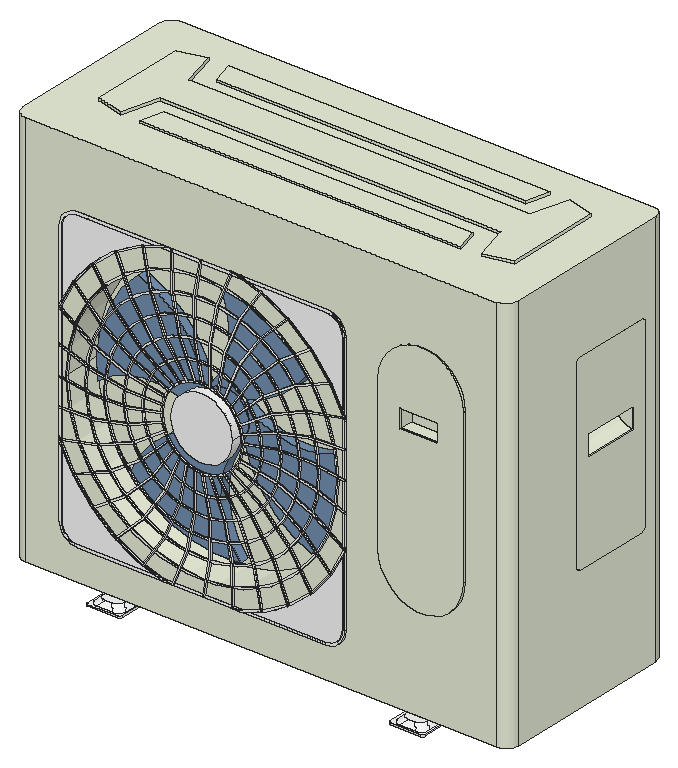
Revit family "MDV-V160W$DHN1(C) ", category Mechanical Equipment, Revit 2013
Parameters (values of type "MDV-V160W/DHN1(C)")
  clearance access right = 600.000 mm
  clearance access left = 300.000 mm
  clearance access front = 2000.000 mm
  clearance access behind = 300.000 mm
  clearance [instance] = no
  Width = 1040.000 mm
  Series = "VRF"
  Power supply = "220-240V 1Ph~50Hz/60Hz"
  Net Weight = 90.40 kg
  Model = "MDV-V160W/DHN1(C)"
  Minimum Circuit Amps = 40 A
  Min cable selection (power wiring) = "3×6 mm2"
  Maximum Fuse Amps = 40 A
  Manufacturer = "Midea"
  Liquid pipe Radius = 0.5 * Liquid pipe  # 4.765 mm
  Liquid pipe = 9.530 mm
  Installation = "Outdoor installation"
  Height = 865.000 mm
  Heating Power Input = 4.65 kW
  Heating Capacity = 18.00 kW
  Gas pipe Radius = 0.5 * Gas pipe  # 7.950 mm
  Gas pipe = 15.900 mm
  Gas = "R410A"
  Description = "High efficiency air cooled"
  Depth = 410.000 mm
  Cooling Power Input = 4.80 kW
  Cooling Capacity = 15.50 kW
  Condensation = "Air"
  Compressor = "1"
  Casing color = "SB2098"
  Air Flow = 5200.00 m³/h
Reference planes
  plane 1 "Center (Front/Back)": y = 0
  plane 2: z = 0
  plane 3 "Center (Left/Right)": x = 0
  plane 4: y = 221
  plane 5: y = -189
  plane 6: x = -520
  plane 7: x = 520
  plane 8: z = 406.5
  plane 9: z = 300.608
  plane 10: z = 840
Forms (mm)
  Extrusion 1, solid, material "Galvanized Steel", detail levels medium+fine
    sketch origin (-463, 0, 789) x (1, 0, 0) y (0, 1, 0)
      loop
        line (958, 221) -> (-32, 221)
        arc (-32, 221) -> (-49.678, 213.678) -> (-57, 196) r 25
        line (-57, 196) -> (-57, -164)
        arc (-57, -164) -> (-49.678, -181.678) -> (-32, -189) r 25
        line (-32, -189) -> (958, -189)
        arc (958, -189) -> (975.678, -181.678) -> (983, -164) r 25
        line (983, -164) -> (983, 196)
        arc (983, 196) -> (975.678, 213.678) -> (958, 221) r 25
    from -765 to 71
  Extrusion 2, void
    sketch origin (0, 0, 0) x (1, 0, 0) y (0, 0, 1)
      loop
        circle (-122.999, 406.499) r 286
    from 110.334 to 189
  Extrusion 3, solid, material "Galvanized Steel", detail levels fine
    sketch origin (0, 20, 0) x (1, 0, 0) y (0, 1, 0)
      loop
        line (-436.632, 111.286) -> (-436.632, -88.714) -> (-378.677, -104.243) -> (-357.971, -26.969) -> (0, -26.969) -> (357.971, -26.969) -> (378.677, -104.243) -> (436.632, -88.714) -> (436.632, 111.286) -> (378.677, 126.816) -> (357.971, 49.542) -> (0, 49.542) -> (-357.971, 49.542) -> (-378.677, 126.816) -> (-436.632, 111.286)
      loop
        line (-337.266, 126.816) -> (-324.511, 79.213) -> (0, 79.213) -> (324.511, 79.213) -> (337.266, 126.816) -> (0, 126.816) -> (-337.266, 126.816)
      loop
        line (-337.266, -106.816) -> (0, -106.816) -> (337.266, -106.816) -> (324.511, -59.213) -> (0, -59.213) -> (-324.511, -59.213) -> (-337.266, -106.816)
    from 860 to 865
  Extrusion 4, solid, material "Galvanized Steel", detail levels fine
    sketch origin (0, 5, 0) x (0, 1, 0) y (0, 0, 1)
      loop
        arc (-8.433, 685.069) -> (-15.504, 682.14) -> (-18.433, 675.069) r 10
        line (-18.433, 675.069) -> (-18.433, 295.069)
        arc (-18.433, 295.069) -> (-15.504, 287.998) -> (-8.433, 285.069) r 10
        line (-8.433, 285.069) -> (151.567, 285.069)
        arc (151.567, 285.069) -> (158.638, 287.998) -> (161.567, 295.069) r 10
        line (161.567, 295.069) -> (161.567, 675.069)
        arc (161.567, 675.069) -> (158.638, 682.14) -> (151.567, 685.069) r 10
        line (151.567, 685.069) -> (-8.433, 685.069)
    from 520 to 522
  Extrusion 5, solid, material "Galvanized Steel", detail levels fine
    sketch origin (-473, 221, 810) x (1, 0, 0) y (0, 0, -1)
      loop
        line (721.211, 499.033) -> (721.211, 179.033)
        arc (721.211, 179.033) -> (811.211, 89.033) -> (901.211, 179.033) r 90
        line (901.211, 179.033) -> (901.211, 499.033)
        arc (901.211, 499.033) -> (811.211, 589.033) -> (721.211, 499.033) r 90
    from -413 to -410
  Extrusion 6, void
    sketch origin (-438, -192, 810) x (1, 0, 0) y (0, 0, -1)
      loop
        line (731.52, 217.5) -> (811.52, 217.5) -> (811.52, 257.5) -> (731.52, 257.5) -> (731.52, 217.5)
    from 0 to 30.666
  Extrusion 7, void
    sketch origin (49, 0, 0) x (1, 0, 0) y (0, 0, 1)
      loop
        line (446.25, 532.035) -> (428.211, 532.035)
        arc (428.211, 532.035) -> (441.329, 500.364) -> (473, 487.246) r 44.789
        line (473, 487.246) -> (473, 532.035) -> (446.25, 532.035)
    from -137.024 to -16.461
  Extrusion 8, solid, material "Galvanized Steel"
    sketch origin (458, -189, 799) x (-1, 0, 0) y (0, 0, -1)
      loop
        circle (30.982, 736.541) r 4.765
    from -421 to -383.266
  Extrusion 9, solid, material "Galvanized Steel"
    sketch origin (458, -189, 829) x (-1, 0, 0) y (0, 0, -1)
      loop
        circle (30.982, 736.541) r 7.95
    from -421 to -383.266
Cuts and joins
  Extrusion 2, Extrusion 6, Extrusion 7 cuts Extrusion 1
  Extrusion 6 cuts Extrusion 5
  Extrusion 7 cuts Extrusion 4
Lines and regions (mm)
  model lines
    curve 1: line (-473, 221, 24) -> (-473, -139, 24)
    curve 2: line (473, 221, 24) -> (-473, 221, 24)
    curve 3: line (473, -139, 24) -> (473, 221, 24)
    curve 4: line (-473, -139, 24) -> (473, -139, 24)
    curve 5: line (520, 221, 838) -> (520, 221, 24)
    curve 6: line (-520, 221, 24) -> (-520, 221, 838)
    curve 7: line (520, -189, 838) -> (520, -189, 24)
    curve 8: line (-520, -189, 24) -> (-520, -189, 838)
    curve 9: line (520, -189, 860) -> (520, 221, 860)
    curve 10: line (520, 221, 860) -> (-520, 221, 860)
    curve 11: line (-520, 221, 860) -> (-520, -189, 860)
    curve 12: line (-520, -189, 860) -> (520, -189, 860)
Dimensions and locks
  aligned and locked: level to plane 2
Nested families
  nested 1: "xiaodijia2" at (318, 20, 0), type "xiaodijia2", detail levels medium+fine
  nested 2: "xiaodijia2" at (-318, 20, 0), type "xiaodijia2", detail levels medium+fine
  nested 3: "fengkou300（fangxing2）" at (-123, -191, 406.5) x (1, 0, 0) z (0, 1, 0), type "fengkou300（fangxing2）", detail levels medium+fine
  nested 4: "fengshan270" at (-122.996, -100, 406.5) x (0, 0, 1) z (0, -1, 0), type "fengshan270", detail levels fine
  nested 5: "service space" at (520, -189, 0), Height <- "Height", visible <- "clearance", type "Midea Service  Space"
    with Width 600.000 mm, Height 865.000 mm, Depth 410.000 mm
  nested 6: "service space" at (-820, -189, 0), Height <- "Height", visible <- "clearance", type "Midea Service  Space"
    with Width 300.000 mm, Height 865.000 mm, Depth 410.000 mm
  nested 7: "service space" at (-520, 221, 0), Height <- "Height", visible <- "clearance", type "Midea Service  Space"
    with Width 1040.000 mm, Height 865.000 mm, Depth 300.000 mm
  nested 8: "service space" at (-520, -2189, 0), Height <- "Height", visible <- "clearance", type "Midea Service  Space"
    with Width 1040.000 mm, Height 865.000 mm, Depth 2000.000 mm
Connectors
  electrical at (333.52, -192, 572.5)
    settings: on cut or joined group of Extrusion 5, Extrusion 6, index 1, voltage 220 V, apparent load 0 VA, apparent load phase1 0 VA, apparent load phase2 0 VA, apparent load phase3 0 VA, power factor 1, load classification "HVAC", number of poles 1, system type 30, power factor state 1, is connector primary yes, connector utility no, sub classification motor no, connector description ""
  piping at (427.018, 232, 62.459), driven by "Liquid pipe Radius"
    settings: on Extrusion 8, index 2, connector radius 0.1876", flow factor 0, pipe flow 0 GPM, pressure drop 0.00 psi, fitting loss kfactor 0, connector angle 0.00°, fixture units 0, engagement length 0.000 mm, flow configuration 0, flow direction 0, fitting loss method 0, system type 7, joint type 0, gender type 0, connector reference index -1, connector utility 0, adjustable connector no, is connector primary yes, fitting loss table "", connector description ""
  piping at (427.018, 232, 92.459), driven by "Gas pipe Radius"
    settings: on Extrusion 9, index 3, connector radius 0.31299", flow factor 0, pipe flow 0 GPM, pressure drop 0.00 psi, fitting loss kfactor 0, connector angle 0.00°, fixture units 0, engagement length 0.000 mm, flow configuration 0, flow direction 0, fitting loss method 0, system type 8, joint type 0, gender type 0, connector reference index -1, connector utility 0, adjustable connector no, is connector primary no, fitting loss table "", connector description ""
Definition of nested family "xiaodijia2"
  Reference planes
    plane 1 "Center (Front/Back)": y = 0
    plane 2: z = 0
    plane 3 "Center (Left/Right)": x = 0
    plane 4: y = 227
    plane 5: x = -36.5
    plane 6: x = 36.5
    plane 7: z = 12
    plane 8: z = 3
    plane 9: z = 24
    plane 10: y = -20
    plane 11: y = 20
    plane 12: x = 21.5
    plane 13: x = -21.5
    plane 14: y = 190
    plane 15: y = -190
    plane 16: x = -6
    plane 17: x = 6
    plane 18: y = -186
    plane 19: y = -194
  Forms (mm)
    Blend 1, solid, material "HXL White"
      base sketch origin (0, 0, 0) x (1, 0, 0) y (0, 1, 0)
        loop
          line (6.5, 212) -> (-6.5, 212)
          arc (-6.5, 212) -> (-17.107, 207.607) -> (-21.5, 197) r 15
          line (-21.5, 197) -> (-21.5, -197)
          arc (-21.5, -197) -> (-17.107, -207.607) -> (-6.5, -212) r 15
          line (-6.5, -212) -> (6.5, -212)
          arc (6.5, -212) -> (17.107, -207.607) -> (21.5, -197) r 15
          line (21.5, -197) -> (21.5, 197)
          arc (21.5, 197) -> (17.107, 207.607) -> (6.5, 212) r 15
      top sketch origin (0, 0, 0) x (1, 0, 0) y (0, 1, 0)
        loop
          line (26.5, 222) -> (-26.5, 222)
          arc (-26.5, 222) -> (-30.036, 220.536) -> (-31.5, 217) r 5
          line (-31.5, 217) -> (-31.5, -207)
          arc (-31.5, -207) -> (-27.107, -217.607) -> (-16.5, -222) r 15
          line (-16.5, -222) -> (16.5, -222)
          arc (16.5, -222) -> (27.107, -217.607) -> (31.5, -207) r 15
          line (31.5, -207) -> (31.5, 217)
          arc (31.5, 217) -> (30.036, 220.536) -> (26.5, 222) r 5
      from 12 to 3
    Blend 2, void
      base sketch origin (0, 0, 0) x (1, 0, 0) y (0, 1, 0)
        loop
          line (6.5, 202) -> (-6.5, 202)
          arc (-6.5, 202) -> (-10.036, 200.536) -> (-11.5, 197) r 5
          line (-11.5, 197) -> (-11.5, -197)
          arc (-11.5, -197) -> (-10.036, -200.536) -> (-6.5, -202) r 5
          line (-6.5, -202) -> (6.5, -202)
          arc (6.5, -202) -> (10.036, -200.536) -> (11.5, -197) r 5
          line (11.5, -197) -> (11.5, 197)
          arc (11.5, 197) -> (10.036, 200.536) -> (6.5, 202) r 5
      top sketch origin (0, 0, 0) x (1, 0, 0) y (0, 1, 0)
        loop
          line (31.5, -207) -> (31.5, 217)
          arc (31.5, 217) -> (30.036, 220.536) -> (26.5, 222) r 5
          line (26.5, 222) -> (-26.5, 222)
          arc (-26.5, 222) -> (-30.036, 220.536) -> (-31.5, 217) r 5
          line (-31.5, 217) -> (-31.5, -207)
          arc (-31.5, -207) -> (-27.107, -217.607) -> (-16.5, -222) r 15
          line (-16.5, -222) -> (16.5, -222)
          arc (16.5, -222) -> (27.107, -217.607) -> (31.5, -207) r 15
      from 8.355 to 3
    Extrusion 3, solid, material "HXL White"
      sketch origin (0, 0, 0) x (1, 0, 0) y (0, 1, 0)
        loop
          arc (-31.5, 227) -> (-35.036, 225.536) -> (-36.5, 222) r 5
          line (-36.5, 222) -> (-36.5, -222)
          arc (-36.5, -222) -> (-35.036, -225.536) -> (-31.5, -227) r 5
          line (-31.5, -227) -> (31.5, -227)
          arc (31.5, -227) -> (35.036, -225.536) -> (36.5, -222) r 5
          line (36.5, -222) -> (36.5, 222)
          arc (36.5, 222) -> (35.036, 225.536) -> (31.5, 227) r 5
          line (31.5, 227) -> (-31.5, 227)
        loop
          arc (-26.5, 222) -> (-30.036, 220.536) -> (-31.5, 217) r 5
          line (-31.5, 217) -> (-31.5, -207)
          arc (-31.5, -207) -> (-27.107, -217.607) -> (-16.5, -222) r 15
          line (-16.5, -222) -> (16.5, -222)
          arc (16.5, -222) -> (27.107, -217.607) -> (31.5, -207) r 15
          line (31.5, -207) -> (31.5, 217)
          arc (31.5, 217) -> (30.036, 220.536) -> (26.5, 222) r 5
          line (26.5, 222) -> (-26.5, 222)
      from 0 to 3
    Extrusion 4, solid, material "HXL White"
      sketch origin (0, 0, 0) x (0, 1, 0) y (0, 0, 1)
        loop
          arc (-19.275, 24) -> (-19.902, 23.667) -> (-20.264, 23.056) r 1.312
          line (-20.264, 23.056) -> (-22.833, 13.434)
          arc (-22.833, 13.434) -> (-23.437, 12.605) -> (-24.266, 12) r 3.318
          line (-24.266, 12) -> (24.266, 12)
          arc (24.266, 12) -> (23.437, 12.605) -> (22.833, 13.434) r 3.318
          line (22.833, 13.434) -> (20.264, 23.056)
          arc (20.264, 23.056) -> (19.902, 23.667) -> (19.275, 24) r 1.312
          line (19.275, 24) -> (-19.275, 24)
      from -21.5 to 21.5
    Extrusion 5, solid, material "HXL White"
      sketch origin (0, 150, 0) x (0, 1, 0) y (0, 0, 1)
        loop
          arc (-19.275, 24) -> (-19.902, 23.667) -> (-20.264, 23.056) r 1.312
          line (-20.264, 23.056) -> (-22.833, 13.434)
          arc (-22.833, 13.434) -> (-23.437, 12.605) -> (-24.266, 12) r 3.318
          line (-24.266, 12) -> (24.266, 12)
          arc (24.266, 12) -> (23.437, 12.605) -> (22.833, 13.434) r 3.318
          line (22.833, 13.434) -> (20.264, 23.056)
          arc (20.264, 23.056) -> (19.902, 23.667) -> (19.275, 24) r 1.312
          line (19.275, 24) -> (-19.275, 24)
      from -21.5 to 21.5
    Extrusion 6, solid, material "HXL White"
      sketch origin (0, -150, 0) x (0, 1, 0) y (0, 0, 1)
        loop
          arc (-19.275, 24) -> (-19.902, 23.667) -> (-20.264, 23.056) r 1.312
          line (-20.264, 23.056) -> (-22.833, 13.434)
          arc (-22.833, 13.434) -> (-23.437, 12.605) -> (-24.266, 12) r 3.318
          line (-24.266, 12) -> (24.266, 12)
          arc (24.266, 12) -> (23.437, 12.605) -> (22.833, 13.434) r 3.318
          line (22.833, 13.434) -> (20.264, 23.056)
          arc (20.264, 23.056) -> (19.902, 23.667) -> (19.275, 24) r 1.312
          line (19.275, 24) -> (-19.275, 24)
      from -21.5 to 21.5
    Extrusion 7, void
      sketch origin (0, 0, 0) x (1, 0, 0) y (0, 1, 0)
        loop
          arc (-6, -186) -> (-10, -190) -> (-6, -194) r 4
          line (-6, -194) -> (6, -194)
          arc (6, -194) -> (10, -190) -> (6, -186) r 4
          line (6, -186) -> (-6, -186)
        loop
          line (-6, 186) -> (6, 186)
          arc (6, 186) -> (10, 190) -> (6, 194) r 4
          line (6, 194) -> (-6, 194)
          arc (-6, 194) -> (-10, 190) -> (-6, 186) r 4
      from 0 to 20
  Cuts and joins
    Blend 2, Extrusion 7 cuts Blend 1
  Dimensions and locks
    aligned and locked: level to plane 2
Definition of nested family "fengkou300（fangxing2）"
  Parameters (values of type "fengkou300（fangxing2）")
    Series = ""
    Machine material = Midea White
    Installation = ""
    Gas = ""
    Condensation = ""
  Reference planes
    plane 1 "Center (Front/Back)": y = 0
    plane 2: z = 0
    plane 3 "Center (Left/Right)": x = 0
    plane 4: y = 316
    plane 5: y = -316
    plane 6: x = -300
    plane 7: x = 300
    plane 8: through (306.104, -306.102, 1219.2) normal (-0.7071, -0.7071, 0)
    plane 9: through (-306.478, -306.479, 1219.2) normal (0.7071, -0.7071, 0)
  Forms (mm)
    Extrusion 1, solid, material "Midea White" <- "Machine material"
      sketch origin (0, 0, 0) x (1, 0, 0) y (0, 1, 0)
        loop
          arc (-260, 316) -> (-288.284, 304.284) -> (-300, 276) r 40
          line (-300, 276) -> (-300, -276)
          arc (-300, -276) -> (-288.284, -304.284) -> (-260, -316) r 40
          line (-260, -316) -> (260, -316)
          arc (260, -316) -> (288.284, -304.284) -> (300, -276) r 40
          line (300, -276) -> (300, 276)
          arc (300, 276) -> (288.284, 304.284) -> (260, 316) r 40
          line (260, 316) -> (-260, 316)
        loop
          line (260, 311) -> (-260, 311)
          arc (-260, 311) -> (-284.749, 300.749) -> (-295, 276) r 35
          line (-295, 276) -> (-295, -276)
          arc (-295, -276) -> (-284.749, -300.749) -> (-260, -311) r 35
          line (-260, -311) -> (260, -311)
          arc (260, -311) -> (284.749, -300.749) -> (295, -276) r 35
          line (295, -276) -> (295, 276)
          arc (295, 276) -> (284.749, 300.749) -> (260, 311) r 35
      from 0 to 10
    Extrusion 2, solid, material "Midea White" <- "Machine material"
      sketch origin (-1059.446, 0, 0) x (1, 0, 0) y (0, 1, 0)
        loop
          arc (1057.944, 325.999) -> (1075.678, 204.494) -> (1057.944, 82.989) r 425.111
          line (1057.944, 82.989) -> (1060.944, 82.989)
          arc (1060.944, 82.989) -> (1079.329, 204.494) -> (1060.944, 325.999) r 410.684
          line (1060.944, 325.999) -> (1057.944, 325.999)
        loop
          arc (1060.948, -325.999) -> (1043.214, -204.494) -> (1060.948, -82.989) r 425.111
          line (1060.948, -82.989) -> (1057.948, -82.989)
          arc (1057.948, -82.989) -> (1039.562, -204.494) -> (1057.948, -325.999) r 410.684
          line (1057.948, -325.999) -> (1060.948, -325.999)
        loop
          arc (1385.445, 1.502) -> (1263.939, -16.232) -> (1142.434, 1.502) r 425.111
          line (1142.434, 1.502) -> (1142.434, -1.498)
          arc (1142.434, -1.498) -> (1263.939, -19.884) -> (1385.445, -1.498) r 410.684
          line (1385.445, -1.498) -> (1385.445, 1.502)
        loop
          arc (733.447, -1.502) -> (854.952, 16.232) -> (976.457, -1.502) r 425.111
          line (976.457, -1.502) -> (976.457, 1.498)
          arc (976.457, 1.498) -> (854.952, 19.884) -> (733.447, 1.498) r 410.684
          line (733.447, 1.498) -> (733.447, -1.502)
        loop
          arc (1288.9, 231.578) -> (1215.522, 133.121) -> (1117.065, 59.744) r 425.111
          line (1117.065, 59.744) -> (1119.187, 57.623)
          arc (1119.187, 57.623) -> (1218.105, 130.539) -> (1291.021, 229.457) r 410.684
          line (1291.021, 229.457) -> (1288.9, 231.578)
        loop
          arc (829.992, -231.578) -> (903.369, -133.121) -> (1001.826, -59.744) r 425.111
          line (1001.826, -59.744) -> (999.705, -57.623)
          arc (999.705, -57.623) -> (900.787, -130.539) -> (827.871, -229.457) r 410.684
          line (827.871, -229.457) -> (829.992, -231.578)
        loop
          arc (1291.024, -229.454) -> (1192.567, -156.077) -> (1119.19, -57.62) r 425.111
          line (1119.19, -57.62) -> (1117.068, -59.741)
          arc (1117.068, -59.741) -> (1189.985, -158.659) -> (1288.903, -231.575) r 410.684
          line (1288.903, -231.575) -> (1291.024, -229.454)
        loop
          arc (827.868, 229.454) -> (926.325, 156.077) -> (999.702, 57.62) r 425.111
          line (999.702, 57.62) -> (1001.823, 59.741)
          arc (1001.823, 59.741) -> (928.907, 158.659) -> (829.989, 231.575) r 410.684
          line (829.989, 231.575) -> (827.868, 229.454)
        loop
          arc (1182.812, 301.758) -> (1152.699, 182.716) -> (1089.816, 77.246) r 425.111
          line (1089.816, 77.246) -> (1092.588, 76.098)
          arc (1092.588, 76.098) -> (1156.072, 181.318) -> (1185.584, 300.61) r 410.684
          line (1185.584, 300.61) -> (1182.812, 301.758)
        loop
          arc (936.079, -301.758) -> (966.193, -182.716) -> (1029.075, -77.246) r 425.111
          line (1029.075, -77.246) -> (1026.304, -76.098)
          arc (1026.304, -76.098) -> (962.819, -181.318) -> (933.308, -300.61) r 410.684
          line (933.308, -300.61) -> (936.079, -301.758)
        loop
          arc (1361.204, -123.366) -> (1242.162, -93.253) -> (1136.692, -30.371) r 425.111
          line (1136.692, -30.371) -> (1135.544, -33.142)
          arc (1135.544, -33.142) -> (1240.764, -96.626) -> (1360.056, -126.138) r 410.684
          line (1360.056, -126.138) -> (1361.204, -123.366)
        loop
          arc (757.687, 123.366) -> (876.73, 93.253) -> (982.199, 30.371) r 425.111
          line (982.199, 30.371) -> (983.347, 33.142)
          arc (983.347, 33.142) -> (878.127, 96.626) -> (758.835, 126.138) r 410.684
          line (758.835, 126.138) -> (757.687, 123.366)
        loop
          arc (1360.054, 126.142) -> (1254.585, 63.26) -> (1135.542, 33.146) r 425.111
          line (1135.542, 33.146) -> (1136.69, 30.375)
          arc (1136.69, 30.375) -> (1255.982, 59.886) -> (1361.203, 123.37) r 410.684
          line (1361.203, 123.37) -> (1360.054, 126.142)
        loop
          arc (758.837, -126.142) -> (864.307, -63.26) -> (983.349, -33.146) r 425.111
          line (983.349, -33.146) -> (982.201, -30.375)
          arc (982.201, -30.375) -> (862.909, -59.886) -> (757.689, -123.37) r 410.684
          line (757.689, -123.37) -> (758.837, -126.142)
        loop
          arc (1185.588, -300.609) -> (1122.706, -195.139) -> (1092.592, -76.097) r 425.111
          line (1092.592, -76.097) -> (1089.82, -77.245)
          arc (1089.82, -77.245) -> (1119.332, -196.537) -> (1182.816, -301.757) r 410.684
          line (1182.816, -301.757) -> (1185.588, -300.609)
        loop
          arc (933.304, 300.609) -> (996.186, 195.139) -> (1026.3, 76.097) r 425.111
          line (1026.3, 76.097) -> (1029.071, 77.245)
          arc (1029.071, 77.245) -> (999.56, 196.537) -> (936.075, 301.757) r 410.684
          line (936.075, 301.757) -> (933.304, 300.609)
        loop
          arc (1121.572, 320.028) -> (1115.261, 197.398) -> (1074.163, 81.687) r 425.111
          line (1074.163, 81.687) -> (1077.105, 81.102)
          arc (1077.105, 81.102) -> (1118.842, 196.685) -> (1124.514, 319.443) r 410.684
          line (1124.514, 319.443) -> (1121.572, 320.028)
        loop
          arc (997.32, -320.028) -> (1003.631, -197.398) -> (1044.729, -81.687) r 425.111
          line (1044.729, -81.687) -> (1041.786, -81.102)
          arc (1041.786, -81.102) -> (1000.049, -196.685) -> (994.378, -319.443) r 410.684
          line (994.378, -319.443) -> (997.32, -320.028)
        loop
          arc (1379.474, -62.126) -> (1256.843, -55.815) -> (1141.133, -14.717) r 425.111
          line (1141.133, -14.717) -> (1140.548, -17.659)
          arc (1140.548, -17.659) -> (1256.131, -59.396) -> (1378.888, -65.068) r 410.684
          line (1378.888, -65.068) -> (1379.474, -62.126)
        loop
          arc (739.418, 62.126) -> (862.048, 55.815) -> (977.759, 14.717) r 425.111
          line (977.759, 14.717) -> (978.344, 17.659)
          arc (978.344, 17.659) -> (862.761, 59.396) -> (740.003, 65.068) r 410.684
          line (740.003, 65.068) -> (739.418, 62.126)
        loop
          arc (1329.669, 182.364) -> (1238.494, 100.114) -> (1127.614, 47.355) r 425.111
          line (1127.614, 47.355) -> (1129.28, 44.861)
          arc (1129.28, 44.861) -> (1240.523, 97.078) -> (1331.336, 179.87) r 410.684
          line (1331.336, 179.87) -> (1329.669, 182.364)
        loop
          arc (789.222, -182.364) -> (880.397, -100.114) -> (991.278, -47.355) r 425.111
          line (991.278, -47.355) -> (989.611, -44.861)
          arc (989.611, -44.861) -> (878.369, -97.078) -> (787.556, -179.87) r 410.684
          line (787.556, -179.87) -> (789.222, -182.364)
        loop
          arc (1241.81, -270.223) -> (1159.56, -179.048) -> (1106.801, -68.168) r 425.111
          line (1106.801, -68.168) -> (1104.306, -69.835)
          arc (1104.306, -69.835) -> (1156.524, -181.077) -> (1239.316, -271.89) r 410.684
          line (1239.316, -271.89) -> (1241.81, -270.223)
        loop
          arc (877.082, 270.223) -> (959.332, 179.048) -> (1012.091, 68.168) r 425.111
          line (1012.091, 68.168) -> (1014.585, 69.835)
          arc (1014.585, 69.835) -> (962.368, 181.077) -> (879.576, 271.89) r 410.684
          line (879.576, 271.89) -> (877.082, 270.223)
        loop
          arc (1239.312, 271.893) -> (1186.553, 161.012) -> (1104.303, 69.837) r 425.111
          line (1104.303, 69.837) -> (1106.797, 68.17)
          arc (1106.797, 68.17) -> (1189.589, 158.984) -> (1241.806, 270.226) r 410.684
          line (1241.806, 270.226) -> (1239.312, 271.893)
        loop
          arc (879.58, -271.893) -> (932.339, -161.012) -> (1014.589, -69.837) r 425.111
          line (1014.589, -69.837) -> (1012.094, -68.17)
          arc (1012.094, -68.17) -> (929.303, -158.984) -> (877.085, -270.226) r 410.684
          line (877.085, -270.226) -> (879.58, -271.893)
        loop
          arc (1331.338, -179.866) -> (1220.458, -127.107) -> (1129.283, -44.857) r 425.111
          line (1129.283, -44.857) -> (1127.616, -47.351)
          arc (1127.616, -47.351) -> (1218.429, -130.143) -> (1329.672, -182.361) r 410.684
          line (1329.672, -182.361) -> (1331.338, -179.866)
        loop
          arc (787.553, 179.866) -> (898.434, 127.107) -> (989.609, 44.857) r 425.111
          line (989.609, 44.857) -> (991.275, 47.351)
          arc (991.275, 47.351) -> (900.462, 130.143) -> (789.22, 182.361) r 410.684
          line (789.22, 182.361) -> (787.553, 179.866)
        loop
          arc (1378.887, 65.072) -> (1263.177, 23.975) -> (1140.547, 17.664) r 425.111
          line (1140.547, 17.664) -> (1141.132, 14.721)
          arc (1141.132, 14.721) -> (1263.889, 20.393) -> (1379.473, 62.13) r 410.684
          line (1379.473, 62.13) -> (1378.887, 65.072)
        loop
          arc (740.004, -65.072) -> (855.715, -23.975) -> (978.345, -17.664) r 425.111
          line (978.345, -17.664) -> (977.76, -14.721)
          arc (977.76, -14.721) -> (855.002, -20.393) -> (739.419, -62.13) r 410.684
          line (739.419, -62.13) -> (740.004, -65.072)
        loop
          arc (1124.518, -319.442) -> (1083.42, -203.731) -> (1077.109, -81.101) r 425.111
          line (1077.109, -81.101) -> (1074.167, -81.686)
          arc (1074.167, -81.686) -> (1079.839, -204.444) -> (1121.576, -320.027) r 410.684
          line (1121.576, -320.027) -> (1124.518, -319.442)
        loop
          arc (994.373, 319.442) -> (1035.471, 203.731) -> (1041.782, 81.101) r 425.111
          line (1041.782, 81.101) -> (1044.725, 81.686)
          arc (1044.725, 81.686) -> (1039.053, 204.444) -> (997.316, 320.027) r 410.684
          line (997.316, 320.027) -> (994.373, 319.442)
      from 0 to 2
    Extrusion 3, solid, material "Midea White" <- "Machine material"
      sketch origin (-1059.446, 0, 0) x (1, 0, 0) y (0, 1, 0)
        loop
          circle (1059.448, 0) r 65
      from 0 to 20
    Extrusion 4, solid, material "Midea White" <- "Machine material"
      sketch origin (0, 0, 0) x (1, 0, 0) y (0, 1, 0)
        loop
          circle (0, 0.002) r 326
        loop
          circle (0, 0.002) r 323
        loop
          circle (0, 0.002) r 286
        loop
          circle (0, 0.002) r 283
        loop
          circle (0, 0.002) r 246
        loop
          circle (0, 0.002) r 243
        loop
          circle (0, 0.002) r 206
        loop
          circle (0, 0.002) r 203
        loop
          circle (0, 0.002) r 166
        loop
          circle (0, 0.002) r 163
        loop
          circle (0, 0.002) r 126
        loop
          circle (0, 0.002) r 123
        loop
          circle (0, 0.002) r 86
        loop
          circle (0, 0.002) r 83
      from 0 to 2
    Extrusion 5, void
      sketch origin (0, 0, 0) x (1, 0, 0) y (0, 1, 0)
        loop
          line (260, 316) -> (-260, 316)
          arc (-260, 316) -> (-288.284, 304.284) -> (-300, 276) r 40
          line (-300, 276) -> (-300, -276)
          arc (-300, -276) -> (-288.284, -304.284) -> (-260, -316) r 40
          line (-260, -316) -> (260, -316)
          arc (260, -316) -> (288.284, -304.284) -> (300, -276) r 40
          line (300, -276) -> (300, 276)
          arc (300, 276) -> (288.284, 304.284) -> (260, 316) r 40
        loop
          arc (-260, 416) -> (-358.995, 374.995) -> (-400, 276) r 140
          line (-400, 276) -> (-400, -276)
          arc (-400, -276) -> (-358.995, -374.995) -> (-260, -416) r 140
          line (-260, -416) -> (260, -416)
          arc (260, -416) -> (358.995, -374.995) -> (400, -276) r 140
          line (400, -276) -> (400, 276)
          arc (400, 276) -> (358.995, 374.995) -> (260, 416) r 140
          line (260, 416) -> (-260, 416)
      from 0 to 250
    Extrusion 6, solid, material "Midea White" <- "Machine material"
      sketch origin (0, 0, 0) x (1, 0, 0) y (0, 1, 0)
        loop
          line (-97.757, 311) -> (-260, 311)
          arc (-260, 311) -> (-284.749, 300.749) -> (-295, 276) r 35
          line (-295, 276) -> (-295, 138.75)
          arc (-295, 138.75) -> (-214.434, 245.551) -> (-97.757, 311) r 326
        loop
          arc (-295, -276) -> (-284.749, -300.749) -> (-260, -311) r 35
          line (-260, -311) -> (-97.743, -311)
          arc (-97.743, -311) -> (-214.429, -245.551) -> (-295, -138.746) r 326
          line (-295, -138.746) -> (-295, -276)
        loop
          arc (260, -311) -> (284.749, -300.749) -> (295, -276) r 35
          line (295, -276) -> (295, -138.746)
          arc (295, -138.746) -> (214.429, -245.551) -> (97.743, -311) r 326
          line (97.743, -311) -> (260, -311)
        loop
          arc (295, 276) -> (284.749, 300.749) -> (260, 311) r 35
          line (260, 311) -> (97.757, 311)
          arc (97.757, 311) -> (214.434, 245.551) -> (295, 138.75) r 326
          line (295, 138.75) -> (295, 276)
      from 0 to 2
  Cuts and joins
    Extrusion 5 cuts Extrusion 1
    Extrusion 5 cuts Extrusion 2
    Extrusion 5 cuts Extrusion 4
  Dimensions and locks
    aligned and locked: level to plane 2
Definition of nested family "fengshan270"
  Reference planes
    plane 1 "Center (Front/Back)": y = 0
    plane 2: z = 0
    plane 3 "Center (Left/Right)": x = 0
  Forms (mm)
    Extrusion 1, solid, material "Midea Dark Blue"
      sketch origin (0, 0, 0) x (1, 0, 0) y (0, 1, 0)
        loop
          circle (0, 0) r 50
      from 0 to 30
    Extrusion 2, solid, material "Midea Dark Blue"
      sketch origin (-20, 0, 0) x (0, -1, 0) y (1, 0, 0)
        loop
          arc (32.105, 288.084) -> (-94.042, 273.093) -> (-199.371, 202.075) r 270
          arc (-199.371, 202.075) -> (-134.798, 110.882) -> (-35, 60.622) r 231.205
          arc (-35, 60.622) -> (0, 70) -> (35, 60.622) r 70
          arc (35, 60.622) -> (-8.793, 173.814) -> (32.105, 288.084) r 173.918
      from 0 to 30
    Extrusion 3, solid, material "Midea Dark Blue"
      sketch origin (20, 0, 0) x (0, 1, 0) y (-1, 0, 0)
        loop
          arc (32.105, 288.084) -> (-94.042, 273.093) -> (-199.371, 202.075) r 270
          arc (-199.371, 202.075) -> (-134.798, 110.882) -> (-35, 60.622) r 231.205
          arc (-35, 60.622) -> (0, 70) -> (35, 60.622) r 70
          arc (35, 60.622) -> (-8.793, 173.814) -> (32.105, 288.084) r 173.918
      from 0 to 30
    Extrusion 4, solid, material "Midea Dark Blue"
      sketch origin (0, 0, 0) x (1, 0, 0) y (0, 1, 0)
        loop
          arc (32.105, 268.084) -> (-94.042, 253.093) -> (-199.371, 182.075) r 270
          arc (-199.371, 182.075) -> (-134.798, 90.882) -> (-35, 40.622) r 231.205
          arc (-35, 40.622) -> (0, 50) -> (35, 40.622) r 70
          arc (35, 40.622) -> (-8.793, 153.814) -> (32.105, 268.084) r 173.918
        loop
          arc (199.371, -182.075) -> (134.798, -90.882) -> (35, -40.622) r 231.205
          arc (35, -40.622) -> (0, -50) -> (-35, -40.622) r 70
          arc (-35, -40.622) -> (8.793, -153.814) -> (-32.105, -268.084) r 173.918
          arc (-32.105, -268.084) -> (94.042, -253.093) -> (199.371, -182.075) r 270
      from 0 to 30
  Dimensions and locks
    aligned and locked: level to plane 2
Definition of nested family "service space"
  Parameters (values of type "Midea Service  Space")
    Width [instance] = 500.000 mm
    Height [instance] = 500.000 mm
    Depth [instance] = 500.000 mm
  Reference planes
    plane 1 "Center (Front/Back)": y = 0
    plane 2: z = 0
    plane 3 "Center (Left/Right)": x = 0
    plane 4: z = 500
    plane 5: y = 500
    plane 6: x = 500
  Forms (mm)
    Extrusion 1, solid, material "Midea Service Space-HDY"
      sketch origin (0, 0, 0) x (1, 0, 0) y (0, 1, 0)
        loop
          line (0, 500) -> (0, 0) -> (500, 0) -> (500, 500) -> (0, 500)
      from 0 to 500
  Dimensions and locks
    "Width": plane 3 "Center (Left/Right)" to plane 6
    "Depth": plane 5 to plane 1 "Center (Front/Back)"
    "Height": level to plane 4
    aligned and locked: level to plane 2
    aligned and locked: plane 5 to Extrusion 1
    aligned and locked: Extrusion 1 to plane 6
    aligned and locked: Extrusion 1 to plane 3 "Center (Left/Right)"
    aligned and locked: plane 1 "Center (Front/Back)" to Extrusion 1
    aligned and locked: Extrusion 1 to plane 4
  Automatic sketch dimensions
    Extrusion 1 sketch curve to plane 3 "Center (Left/Right)" = 0.000 mm
    plane 1 "Center (Front/Back)" to Extrusion 1 sketch curve = 0.000 mm
    Extrusion 1 sketch curve to plane 6 = 0.000 mm
    Extrusion 1 sketch curve to plane 5 = 0.000 mm
